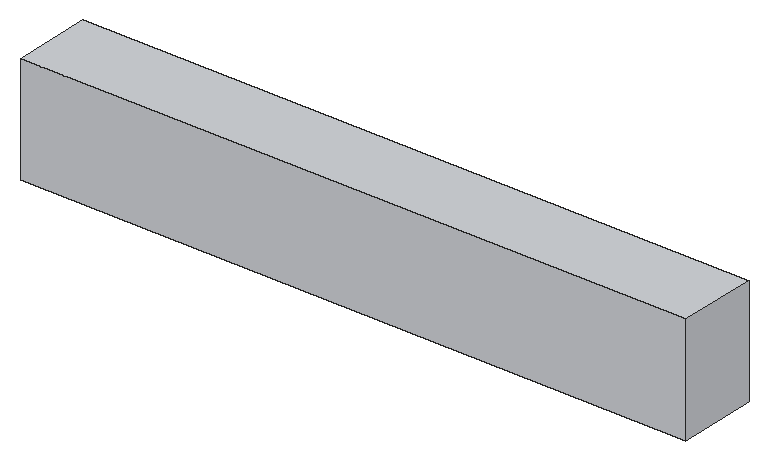
Revit family "LE Kitchen Run", category Furniture, Revit 2018
Family settings
  OmniClass Number = 23.40.20.00
  OmniClass Title = General Furniture and Specialties
  Work Plane-Based = No
  Always vertical = Yes
  Cut with Voids When Loaded = No
  Shared = No
  Room Calculation Point = No
Parameters (values of type "650x600m Casework")
  Width [instance] = 5500 mm
  Unit Width = 600 mm
  URL = "https://studiole.uk"
  Manufacturer = "LE"
  Line Count [instance] = Unit Count + 1  # 10
  End Offset = 0 mm
  Depth = 650 mm
  Height = 900 mm
  Circulation [instance] = yes
  Circulation Space = 750 mm
  Frame Material = none
  Unit Count [instance] = rounddown((Width - End Offset) / Unit Width)  # 9
Reference planes
  plane 1 "Center (Front/Back)": y = 0
  plane 2: z = 0
  plane 3 "Center (Left/Right)": x = 0
  plane 4 "Left": x = -2750
  plane 5 "Right": x = 2750
  plane 6 "Front": y = -325
  plane 7 "Back": y = 325
  plane 8 "Foot Circulation": y = -1075
  plane 9 "Height": z = 900
  plane 10 "End Offset": x = -2750
Forms (mm)
  Extrusion 1, solid, material <- "Frame Material"
    sketch origin (0, 0, 0) x (1, 0, 0) y (0, 1, 0)
      loop
        line (-2750, 325) -> (-2750, -325) -> (2750, -325) -> (2750, 325) -> (-2750, 325)
    from 0 to 900 <- "Height"
Lines and regions (mm)
  model lines, style "FurnitureHiddenLines", visible <- "Circulation"
    curve 1: line (-2750, -1075, 0) -> (2750, -1075, 0)
  model lines, style "FurnitureHiddenLines"
    curve 2: line (-2750, 325, 900) -> (-2750, -325, 900)
    curve 3: line (-2150, 325, 900) -> (-2150, -325, 900)
    curve 4: line (-1550, 325, 900) -> (-1550, -325, 900)
    curve 5: line (-950, 325, 900) -> (-950, -325, 900)
    curve 6: line (-350, 325, 900) -> (-350, -325, 900)
    curve 7: line (250, 325, 900) -> (250, -325, 900)
    curve 8: line (850, 325, 900) -> (850, -325, 900)
    curve 9: line (1450, 325, 900) -> (1450, -325, 900)
    curve 10: line (2050, 325, 900) -> (2050, -325, 900)
    curve 11: line (2650, 325, 900) -> (2650, -325, 900)
Dimensions and locks
  "Depth": plane 7 "Back" to plane 6 "Front"
  equal spacing: plane 7 "Back", plane 1 "Center (Front/Back)", plane 6 "Front"
  "Width": plane 4 "Left" to plane 5 "Right"
  equal spacing: plane 4 "Left", plane 3 "Center (Left/Right)", plane 5 "Right"
  "Circulation Space": plane 6 "Front" to plane 8 "Foot Circulation"
  "Height": plane 9 "Height" to plane 2
  "End Offset": plane 4 "Left" to plane 10 "End Offset"
  "End Offset": plane 4 "Left" to curve 2
  equal spacing: group 1, group 2, group 3, group 4, group 5, group 6, group 7, group 8, group 9, group 10  (x3)
  "Unit Width": curve 3 to curve 2
  aligned and locked: level to plane 2
Automatic sketch dimensions
  Extrusion 1 sketch curve to plane 4 "Left" = 0 mm
  Extrusion 1 sketch curve to plane 5 "Right" = 0 mm
  Extrusion 1 sketch curve to plane 6 "Front" = 0 mm
  Extrusion 1 sketch curve to plane 7 "Back" = 0 mm
  curve 1 to plane 4 "Left" = 0 mm
  curve 1 to plane 5 "Right" = 0 mm
  plane 8 "Foot Circulation" to curve 1 = 0 mm
  curve 4 to curve 4 = 650 mm
  curve 2 to curve 2 = 650 mm
  curve 3 to curve 3 = 650 mm
  curve 5 to curve 5 = 650 mm
  curve 6 to curve 6 = 650 mm
  curve 7 to curve 7 = 650 mm
  curve 8 to curve 8 = 650 mm
  curve 9 to curve 9 = 650 mm
  curve 10 to curve 10 = 650 mm
  curve 11 to curve 11 = 650 mm
